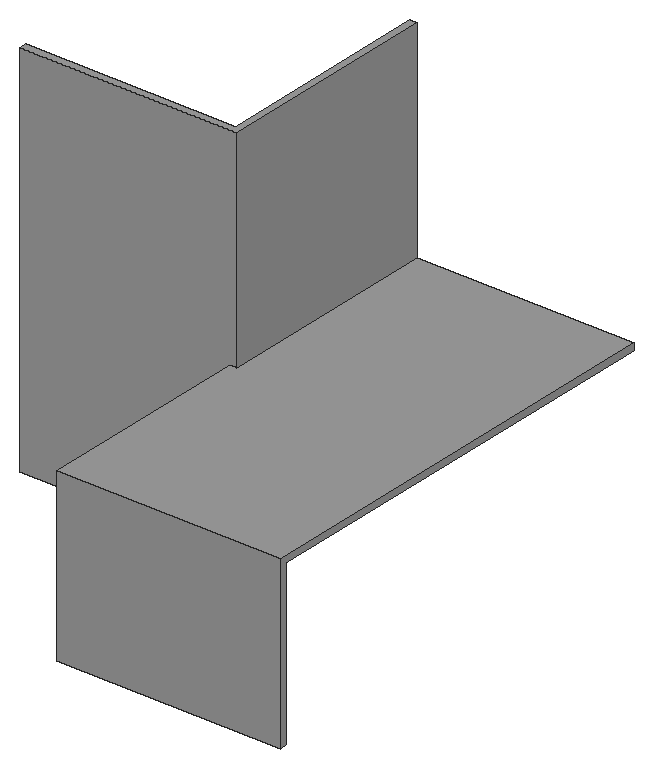
Revit family "Flashing_Preformed_Hyload_Type-WL2", category Generic Models, Revit 2016
Family settings
  Part Type = Normal
  Can host rebar = No
  Round Connector Dimension = Use Diameter
  OmniClass Number = 23.20.30.24.11
  OmniClass Title = Embedded Flashing
  Work Plane-Based = No
  Always vertical = Yes
  Cut with Voids When Loaded = No
  Shared = No
  Room Calculation Point = No
Parameters (values of type "As Specified")
  Upper Height = 0' - 4"
  Unit Width = 1' - 0"
  Unit Height = 0' - 2"
  Unit Depth = 0' - 4"
  URL = "http://www.hyload.com/"
  Thickness = 0' - 0 1/16"
  Specification = "http://www.arcat.com/sdspecs/htm04/07_65_00hyl.htm"
  Sales Information = "http://www.hyload.com/contact-us"
  Revision = "R1_12-2015"
  Product Properties = "http://www.hyload.com/masonry-flashing/preformed-shapes/"
  Product Data = "http://www.arcat.com/arcatcos/cos33/arc33176.html"
  Model = "Type WL2"
  Manufacturer Website = "http://www.hyload.com/"
  Manufacturer Phone - Toll Free = "800-457-4056"
  Manufacturer Phone = "330-769-3546"
  Manufacturer Fax = "330-769-4153"
  Manufacturer Address = "5020 Panther Pkwy., Seville, OH 44273"
  Manufacturer = "Hyload"
  Lower Height = 0' - 1 1/2"
  Keynote = "07 65 00"
  Flashing Material = Hyload Flashing Membrane - Grey
  Drawn By = "Robert S. Weygant / Sumex Design"
  Description = "Preformed Hyload Masonry Flashing - Type WL2"
  Copyright = "(c) ARCAT, Inc, 2015"
  Construction Details = "http://www.arcat.com/details/hyload/hyload.html?coid=33176"
  Assembly Code = "B3010400"
Reference planes (in)
  plane 1 "Center (Front/Back)": y = 0
  plane 2: z = 0
  plane 3 "Center (Left/Right)": x = 0
  plane 4 "Back": y = 2
  plane 5: x = 2
  plane 6 "WinPlane": z = -1.5
  plane 7: x = 22
  plane 8 "Front": y = -2
  plane 9: z = 2
  plane 10: x = -2
Forms (in)
  Extrusion 1, solid, material "Hyload Flashing Membrane - Grey" <- "Flashing Material"
    sketch origin (0, 0, 0) x (1, 0, 0) y (0, 0, 1)
      loop
        line (0, 0) -> (2, 0) -> (2, 0.0625) -> (-0.0625, 0.0625) -> (-0.0625, -1.5) -> (0, -1.5) -> (0, 0)
    from 0 to 2
  Extrusion 2, solid, material "Hyload Flashing Membrane - Grey" <- "Flashing Material"
    sketch origin (0, 2, 0) x (-1, 0, 0) y (0, 0, 1)
      loop
        line (0, 0.0625) -> (-2, 0.0625) -> (-2, 0) -> (0.0625, 0) -> (0.0625, 2) -> (0, 2) -> (0, 0.0625)
    from -2 to 0
  Extrusion 3, solid, material "Hyload Flashing Membrane - Grey" <- "Flashing Material"
    sketch origin (0, 0, 0) x (1, 0, 0) y (0, 0, 1)
      loop
        line (-2, 2) -> (-2, -1.5) -> (0, -1.5) -> (0, 2) -> (-2, 2)
    from 0 to 0.0625 <- "Thickness"
  Extrusion 4, solid, material "Hyload Flashing Membrane - Grey" <- "Flashing Material"
    sketch origin (0, -2, 0) x (-1, 0, 0) y (0, 0, 1)
      loop
        line (0.0625, 0.0625) -> (-2, 0.0625) -> (-2, -1.5) -> (0.0625, -1.5) -> (0.0625, 0.0625)
    from -0.0625 to 0
Cuts and joins
  joined: Extrusion 1, Extrusion 2, Extrusion 3, Extrusion 4
Dimensions and locks (in)
  "Unit Depth": plane 4 "Back" to plane 8 "Front"
  locked: plane 8 "Front" to plane 1 "Center (Front/Back)" at 2
  plane 10 to plane 3 "Center (Left/Right)" = 0' - 2"
  locked: plane 3 "Center (Left/Right)" to plane 5 at 2
  "Lower Height": level to plane 6 "WinPlane"
  "Unit Height": plane 9 to level
  "Thickness": plane 3 "Center (Left/Right)" to Extrusion 1 sketch curve
  "Thickness": Extrusion 1 sketch curve to level
  "Thickness": Extrusion 2 sketch curve to level
  "Thickness": plane 3 "Center (Left/Right)" to Extrusion 2 sketch curve
  "Thickness": plane 8 "Front" to Extrusion 4
  aligned and locked: plane 2 to level
  aligned and locked: level to Extrusion 1 sketch curve
  aligned and locked: Extrusion 1 sketch curve to plane 3 "Center (Left/Right)"
  aligned and locked: Extrusion 1 sketch curve to plane 5
  aligned and locked: plane 6 "WinPlane" to Extrusion 1 sketch curve
  aligned and locked: Extrusion 1 to plane 8 "Front"
  aligned and locked: Extrusion 1 to plane 1 "Center (Front/Back)"
  aligned and locked: plane 1 "Center (Front/Back)" to Extrusion 2
  aligned and locked: plane 4 "Back" to Extrusion 2
  aligned and locked: Extrusion 2 sketch curve to plane 9
  aligned and locked: Extrusion 2 sketch curve to plane 5
  aligned and locked: level to Extrusion 2 sketch curve
  aligned and locked: plane 3 "Center (Left/Right)" to Extrusion 2 sketch curve
  aligned and locked: Extrusion 3 sketch curve to plane 9
  aligned and locked: plane 10 to Extrusion 3 sketch curve
  aligned and locked: Extrusion 3 sketch curve to Extrusion 1  (x2)
  aligned and locked: Extrusion 3 to plane 1 "Center (Front/Back)"
  aligned and locked: Extrusion 4 sketch curve to cut or joined group of Extrusion 1, Extrusion 2, Extrusion 3, Extrusion 4  (x2)
  aligned and locked: plane 6 "WinPlane" to Extrusion 4 sketch curve
  aligned and locked: Extrusion 4 sketch curve to plane 5
  aligned and locked: plane 8 "Front" to Extrusion 4
